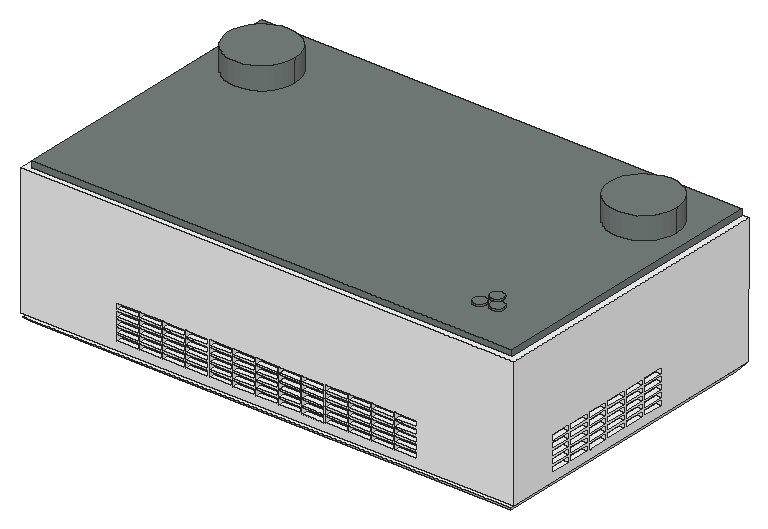
Revit family "AM 300 VVBB", category Mechanical Equipment, Revit 2019
Family settings
  Round Connector Dimension = Use Diameter
  Part Type = Normal
  OmniClass Number = 23.75.00.00
  OmniClass Title = Climate Control (HVAC)
  Work Plane-Based = No
  Always vertical = Yes
  Cut with Voids When Loaded = No
  Shared = No
  Room Calculation Point = No
Parameters
  Weight (Standard Unit) = 85  # constant formula
  Water Heating [instance] = yes
  Water Heater Surface Return = 15 mm  # constant formula
  Water Heater Surface IN = 15 mm  # constant formula
  URL = "www.airmaster-as.com"
  Total Width = 1180 mm  # constant formula
  Total Hight = 344 mm  # constant formula
  T-C Duct Supply = 187 mm  # constant formula
  T-C Duct Exhaust = 187 mm  # constant formula
  Suply Air In = 160 mm  # constant formula
  R-C Duct Supply = 133 mm  # constant formula
  Phase 1 - Max Power Consumption = "1175 W"
  Phase 1 - Max Current = "7,97 A"
  Nominal current, electrical preheating surface = "4,35 A"
  Nominal current, electrical comfort heating surface = "2,17 A"
  Nominal current, air handling unit = "1,45 A"
  Network Conection = "AWG 24 CAT 5e STP"
  Model = "AM 300 VVBB"
  Max. flow rate 35 dB(A) with ePM10 80% filters = 222.00 m³  # constant formula
  Max. flow rate 35 dB(A) with ePM10 55% filters = 250.00 m³  # constant formula
  Max. flow rate 35 dB(A) with ePM10 50% filters = 255.00 m³  # constant formula
  Max. flow rate 30 dB(A) with ePM10 80% filters = 167.00 m³  # constant formula
  Max. flow rate 30 dB(A) with ePM10 55% filters = 190.00 m³  # constant formula
  Max. flow rate 30 dB(A) with ePM10 50% filters = 194.00 m³  # constant formula
  Manufacturer = "Airmaster A/S"
  Maintenance [instance] = no
  L-C Duct Exhaust = 133 mm  # constant formula
  Exhaust Air = 160 mm  # constant formula
  Total Depth = 703 mm  # constant formula
  Electrical connection = "1 ~ 230 V / N / PE / 50 Hz"
  Drawn By = "LSB"
  Data Sheet = "https://www.airmaster-as.com/media/4938/15583-am300-en-rev-04.pdf"
  Condensate = 6 mm  # constant formula
  BMS Panel = "(PTS) 2x2x0,6"
  BMS Out = "(PTS) 2x2x0,6"
  BMS IN = "(PTS) 2x2x0,6"
  Airlow area [instance] = no
Reference planes
  plane 1 "Center (Front/Back)": y = 0
  plane 2: z = 0
  plane 3 "Center (Left/Right)": x = 0
  plane 4 "Center L/S": y = -703
  plane 5 "Center L/T": x = -590
  plane 6 "Center L/U": x = 590
  plane 7 "TOP": z = 344
  plane 8 "Center L/V": x = -575
  plane 9 "Center L/W": y = -688
  plane 10 "Center L/X": x = 575
  plane 11 "Panel Buttom": z = 20.747
  plane 12 "Panel Top": z = 330.347
  plane 13 "Hatch": z = 14.5
Forms (mm)
  Extrusion 1, solid, material "AM Grey"
    sketch origin (0, 0, 0) x (1, 0, 0) y (0, 1, 0)
      loop
        line (-575, 0) -> (-575, -688) -> (575, -688) -> (575, 0) -> (-575, 0)
    from 14.5 to 344
  Extrusion 2, solid, material "AM White"
    sketch origin (794.5, -1524, 20.747) x (0, -1, 0) y (-1, 0, 0)
      loop
        line (-1524, 1384.5) -> (-1524, 1369.5) -> (-836, 1369.5) -> (-836, 219.5) -> (-1524, 219.5) -> (-1524, 204.5) -> (-821, 204.5) -> (-821, 1384.5) -> (-1524, 1384.5)
    from 0 to -309.6
  Blend 3, solid, material "AM White"
    base sketch origin (-790.646, -1524, 14.5) x (0, -1, 0) y (1, 0, 0)
      loop
        line (-821, 207.613) -> (-821, 1373.657) -> (-1524, 1373.657) -> (-1524, 207.613) -> (-821, 207.613)
    top sketch origin (-790.646, -1524, 14.5) x (0, -1, 0) y (1, 0, 0)
      loop
        line (-836, 218.963) -> (-836, 1362.646) -> (-1509.161, 1362.646) -> (-1509.161, 218.963) -> (-836, 218.963)
    from 0 to -14.5
  Extrusion 4, solid, material "Maintenece", visible <- "Maintenance"
    sketch origin (-790.646, -1524, 0) x (1, 0, 0) y (0, -1, 0)
      loop
        line (200.646, -1524) -> (1380.646, -1524) -> (1380.646, -821) -> (200.646, -821) -> (200.646, -1524)
    from 0 to 1200
  Extrusion 5, solid, material "Maintenece", visible <- "Airlow area"
    sketch origin (590, 0, 24.45) x (0, -1, 0) y (0, 0, -1)
      loop
        line (0, -98.297) -> (703, -98.297) -> (703, 21) -> (0, 21) -> (0, -98.297)
    from 0 to 500
  Extrusion 6, solid, material "AM Grey"
    sketch origin (0, 0, 344) x (1, 0, 0) y (0, 1, 0)
      loop
        circle (428.027, -549.273) r 15.55
    from 0 to 3
  Extrusion 7, solid, material "AM Grey"
    sketch origin (0, 0, 344) x (1, 0, 0) y (0, 1, 0)
      loop
        circle (452.132, -578.023) r 15.55
    from 0 to 3
  Extrusion 8, solid, material "AM Grey"
    sketch origin (0, 0, 344) x (1, 0, 0) y (0, 1, 0)
      loop
        circle (415.201, -584.535) r 15.55
    from 0 to 3
  Extrusion 9, void
    sketch origin (590, -703, 24.45) x (1, 0, 0) y (0, 0, -1)
      loop
        line (-950, -98.297) -> (-897.385, -98.297) -> (-897.385, -84.297) -> (-950, -84.297) -> (-950, -98.297)
      loop
        line (-950, -81.297) -> (-897.385, -81.297) -> (-897.385, -67.297) -> (-950, -67.297) -> (-950, -81.297)
      loop
        line (-950, -64.297) -> (-897.385, -64.297) -> (-897.385, -50.297) -> (-950, -50.297) -> (-950, -64.297)
      loop
        line (-950, -47.297) -> (-897.385, -47.297) -> (-897.385, -33.297) -> (-950, -33.297) -> (-950, -47.297)
      loop
        line (-950, -30.297) -> (-897.385, -30.297) -> (-897.385, -16.297) -> (-950, -16.297) -> (-950, -30.297)
      loop
        line (-894.385, -98.297) -> (-841.769, -98.297) -> (-841.769, -84.297) -> (-894.385, -84.297) -> (-894.385, -98.297)
      loop
        line (-894.385, -81.297) -> (-841.769, -81.297) -> (-841.769, -67.297) -> (-894.385, -67.297) -> (-894.385, -81.297)
      loop
        line (-894.385, -64.297) -> (-841.769, -64.297) -> (-841.769, -50.297) -> (-894.385, -50.297) -> (-894.385, -64.297)
      loop
        line (-894.385, -47.297) -> (-841.769, -47.297) -> (-841.769, -33.297) -> (-894.385, -33.297) -> (-894.385, -47.297)
      loop
        line (-894.385, -30.297) -> (-841.769, -30.297) -> (-841.769, -16.297) -> (-894.385, -16.297) -> (-894.385, -30.297)
      loop
        line (-838.769, -98.297) -> (-786.154, -98.297) -> (-786.154, -84.297) -> (-838.769, -84.297) -> (-838.769, -98.297)
      loop
        line (-838.769, -81.297) -> (-786.154, -81.297) -> (-786.154, -67.297) -> (-838.769, -67.297) -> (-838.769, -81.297)
      loop
        line (-838.769, -64.297) -> (-786.154, -64.297) -> (-786.154, -50.297) -> (-838.769, -50.297) -> (-838.769, -64.297)
      loop
        line (-838.769, -47.297) -> (-786.154, -47.297) -> (-786.154, -33.297) -> (-838.769, -33.297) -> (-838.769, -47.297)
      loop
        line (-838.769, -30.297) -> (-786.154, -30.297) -> (-786.154, -16.297) -> (-838.769, -16.297) -> (-838.769, -30.297)
      loop
        line (-783.154, -98.297) -> (-730.538, -98.297) -> (-730.538, -84.297) -> (-783.154, -84.297) -> (-783.154, -98.297)
      loop
        line (-783.154, -81.297) -> (-730.538, -81.297) -> (-730.538, -67.297) -> (-783.154, -67.297) -> (-783.154, -81.297)
      loop
        line (-783.154, -64.297) -> (-730.538, -64.297) -> (-730.538, -50.297) -> (-783.154, -50.297) -> (-783.154, -64.297)
      loop
        line (-783.154, -47.297) -> (-730.538, -47.297) -> (-730.538, -33.297) -> (-783.154, -33.297) -> (-783.154, -47.297)
      loop
        line (-783.154, -30.297) -> (-730.538, -30.297) -> (-730.538, -16.297) -> (-783.154, -16.297) -> (-783.154, -30.297)
      loop
        line (-727.538, -98.297) -> (-674.923, -98.297) -> (-674.923, -84.297) -> (-727.538, -84.297) -> (-727.538, -98.297)
      loop
        line (-727.538, -81.297) -> (-674.923, -81.297) -> (-674.923, -67.297) -> (-727.538, -67.297) -> (-727.538, -81.297)
      loop
        line (-727.538, -64.297) -> (-674.923, -64.297) -> (-674.923, -50.297) -> (-727.538, -50.297) -> (-727.538, -64.297)
      loop
        line (-727.538, -47.297) -> (-674.923, -47.297) -> (-674.923, -33.297) -> (-727.538, -33.297) -> (-727.538, -47.297)
      loop
        line (-727.538, -30.297) -> (-674.923, -30.297) -> (-674.923, -16.297) -> (-727.538, -16.297) -> (-727.538, -30.297)
      loop
        line (-671.923, -98.297) -> (-619.308, -98.297) -> (-619.308, -84.297) -> (-671.923, -84.297) -> (-671.923, -98.297)
      loop
        line (-671.923, -81.297) -> (-619.308, -81.297) -> (-619.308, -67.297) -> (-671.923, -67.297) -> (-671.923, -81.297)
      loop
        line (-671.923, -64.297) -> (-619.308, -64.297) -> (-619.308, -50.297) -> (-671.923, -50.297) -> (-671.923, -64.297)
      loop
        line (-671.923, -47.297) -> (-619.308, -47.297) -> (-619.308, -33.297) -> (-671.923, -33.297) -> (-671.923, -47.297)
      loop
        line (-671.923, -30.297) -> (-619.308, -30.297) -> (-619.308, -16.297) -> (-671.923, -16.297) -> (-671.923, -30.297)
      loop
        line (-616.308, -98.297) -> (-563.692, -98.297) -> (-563.692, -84.297) -> (-616.308, -84.297) -> (-616.308, -98.297)
      loop
        line (-616.308, -81.297) -> (-563.692, -81.297) -> (-563.692, -67.297) -> (-616.308, -67.297) -> (-616.308, -81.297)
      loop
        line (-616.308, -64.297) -> (-563.692, -64.297) -> (-563.692, -50.297) -> (-616.308, -50.297) -> (-616.308, -64.297)
      loop
        line (-616.308, -47.297) -> (-563.692, -47.297) -> (-563.692, -33.297) -> (-616.308, -33.297) -> (-616.308, -47.297)
      loop
        line (-616.308, -30.297) -> (-563.692, -30.297) -> (-563.692, -16.297) -> (-616.308, -16.297) -> (-616.308, -30.297)
      loop
        line (-560.692, -98.297) -> (-508.077, -98.297) -> (-508.077, -84.297) -> (-560.692, -84.297) -> (-560.692, -98.297)
      loop
        line (-560.692, -81.297) -> (-508.077, -81.297) -> (-508.077, -67.297) -> (-560.692, -67.297) -> (-560.692, -81.297)
      loop
        line (-560.692, -64.297) -> (-508.077, -64.297) -> (-508.077, -50.297) -> (-560.692, -50.297) -> (-560.692, -64.297)
      loop
        line (-560.692, -47.297) -> (-508.077, -47.297) -> (-508.077, -33.297) -> (-560.692, -33.297) -> (-560.692, -47.297)
      loop
        line (-560.692, -30.297) -> (-508.077, -30.297) -> (-508.077, -16.297) -> (-560.692, -16.297) -> (-560.692, -30.297)
      loop
        line (-505.077, -98.297) -> (-452.462, -98.297) -> (-452.462, -84.297) -> (-505.077, -84.297) -> (-505.077, -98.297)
      loop
        line (-505.077, -81.297) -> (-452.462, -81.297) -> (-452.462, -67.297) -> (-505.077, -67.297) -> (-505.077, -81.297)
      loop
        line (-505.077, -64.297) -> (-452.462, -64.297) -> (-452.462, -50.297) -> (-505.077, -50.297) -> (-505.077, -64.297)
      loop
        line (-505.077, -47.297) -> (-452.462, -47.297) -> (-452.462, -33.297) -> (-505.077, -33.297) -> (-505.077, -47.297)
      loop
        line (-505.077, -30.297) -> (-452.462, -30.297) -> (-452.462, -16.297) -> (-505.077, -16.297) -> (-505.077, -30.297)
      loop
        line (-449.462, -98.297) -> (-396.846, -98.297) -> (-396.846, -84.297) -> (-449.462, -84.297) -> (-449.462, -98.297)
      loop
        line (-449.462, -81.297) -> (-396.846, -81.297) -> (-396.846, -67.297) -> (-449.462, -67.297) -> (-449.462, -81.297)
      loop
        line (-449.462, -64.297) -> (-396.846, -64.297) -> (-396.846, -50.297) -> (-449.462, -50.297) -> (-449.462, -64.297)
      loop
        line (-449.462, -47.297) -> (-396.846, -47.297) -> (-396.846, -33.297) -> (-449.462, -33.297) -> (-449.462, -47.297)
      loop
        line (-449.462, -30.297) -> (-396.846, -30.297) -> (-396.846, -16.297) -> (-449.462, -16.297) -> (-449.462, -30.297)
      loop
        line (-393.846, -98.297) -> (-341.231, -98.297) -> (-341.231, -84.297) -> (-393.846, -84.297) -> (-393.846, -98.297)
      loop
        line (-393.846, -81.297) -> (-341.231, -81.297) -> (-341.231, -67.297) -> (-393.846, -67.297) -> (-393.846, -81.297)
      loop
        line (-393.846, -64.297) -> (-341.231, -64.297) -> (-341.231, -50.297) -> (-393.846, -50.297) -> (-393.846, -64.297)
      loop
        line (-393.846, -47.297) -> (-341.231, -47.297) -> (-341.231, -33.297) -> (-393.846, -33.297) -> (-393.846, -47.297)
      loop
        line (-393.846, -30.297) -> (-341.231, -30.297) -> (-341.231, -16.297) -> (-393.846, -16.297) -> (-393.846, -30.297)
      loop
        line (-338.231, -98.297) -> (-285.615, -98.297) -> (-285.615, -84.297) -> (-338.231, -84.297) -> (-338.231, -98.297)
      loop
        line (-338.231, -81.297) -> (-285.615, -81.297) -> (-285.615, -67.297) -> (-338.231, -67.297) -> (-338.231, -81.297)
      loop
        line (-338.231, -64.297) -> (-285.615, -64.297) -> (-285.615, -50.297) -> (-338.231, -50.297) -> (-338.231, -64.297)
      loop
        line (-338.231, -47.297) -> (-285.615, -47.297) -> (-285.615, -33.297) -> (-338.231, -33.297) -> (-338.231, -47.297)
      loop
        line (-338.231, -30.297) -> (-285.615, -30.297) -> (-285.615, -16.297) -> (-338.231, -16.297) -> (-338.231, -30.297)
      loop
        line (-282.615, -98.297) -> (-230, -98.297) -> (-230, -84.297) -> (-282.615, -84.297) -> (-282.615, -98.297)
      loop
        line (-282.615, -81.297) -> (-230, -81.297) -> (-230, -67.297) -> (-282.615, -67.297) -> (-282.615, -81.297)
      loop
        line (-282.615, -64.297) -> (-230, -64.297) -> (-230, -50.297) -> (-282.615, -50.297) -> (-282.615, -64.297)
      loop
        line (-282.615, -47.297) -> (-230, -47.297) -> (-230, -33.297) -> (-282.615, -33.297) -> (-282.615, -47.297)
      loop
        line (-282.615, -30.297) -> (-230, -30.297) -> (-230, -16.297) -> (-282.615, -16.297) -> (-282.615, -30.297)
    from 0 to 15
  Extrusion 10, void
    sketch origin (590, 0, 25.035) x (0, 1, 0) y (0, 0, -1)
      loop
        line (-588.9, -97.712) -> (-536.417, -97.712) -> (-536.417, -83.712) -> (-588.9, -83.712) -> (-588.9, -97.712)
      loop
        line (-588.9, -80.712) -> (-536.417, -80.712) -> (-536.417, -66.712) -> (-588.9, -66.712) -> (-588.9, -80.712)
      loop
        line (-588.9, -63.712) -> (-536.417, -63.712) -> (-536.417, -49.712) -> (-588.9, -49.712) -> (-588.9, -63.712)
      loop
        line (-588.9, -46.712) -> (-536.417, -46.712) -> (-536.417, -32.712) -> (-588.9, -32.712) -> (-588.9, -46.712)
      loop
        line (-588.9, -29.712) -> (-536.417, -29.712) -> (-536.417, -15.712) -> (-588.9, -15.712) -> (-588.9, -29.712)
      loop
        line (-533.417, -97.712) -> (-480.933, -97.712) -> (-480.933, -83.712) -> (-533.417, -83.712) -> (-533.417, -97.712)
      loop
        line (-533.417, -80.712) -> (-480.933, -80.712) -> (-480.933, -66.712) -> (-533.417, -66.712) -> (-533.417, -80.712)
      loop
        line (-533.417, -63.712) -> (-480.933, -63.712) -> (-480.933, -49.712) -> (-533.417, -49.712) -> (-533.417, -63.712)
      loop
        line (-533.417, -46.712) -> (-480.933, -46.712) -> (-480.933, -32.712) -> (-533.417, -32.712) -> (-533.417, -46.712)
      loop
        line (-533.417, -29.712) -> (-480.933, -29.712) -> (-480.933, -15.712) -> (-533.417, -15.712) -> (-533.417, -29.712)
      loop
        line (-477.933, -97.712) -> (-425.45, -97.712) -> (-425.45, -83.712) -> (-477.933, -83.712) -> (-477.933, -97.712)
      loop
        line (-477.933, -80.712) -> (-425.45, -80.712) -> (-425.45, -66.712) -> (-477.933, -66.712) -> (-477.933, -80.712)
      loop
        line (-477.933, -63.712) -> (-425.45, -63.712) -> (-425.45, -49.712) -> (-477.933, -49.712) -> (-477.933, -63.712)
      loop
        line (-477.933, -46.712) -> (-425.45, -46.712) -> (-425.45, -32.712) -> (-477.933, -32.712) -> (-477.933, -46.712)
      loop
        line (-477.933, -29.712) -> (-425.45, -29.712) -> (-425.45, -15.712) -> (-477.933, -15.712) -> (-477.933, -29.712)
      loop
        line (-422.45, -97.712) -> (-369.967, -97.712) -> (-369.967, -83.712) -> (-422.45, -83.712) -> (-422.45, -97.712)
      loop
        line (-422.45, -80.712) -> (-369.967, -80.712) -> (-369.967, -66.712) -> (-422.45, -66.712) -> (-422.45, -80.712)
      loop
        line (-422.45, -63.712) -> (-369.967, -63.712) -> (-369.967, -49.712) -> (-422.45, -49.712) -> (-422.45, -63.712)
      loop
        line (-422.45, -46.712) -> (-369.967, -46.712) -> (-369.967, -32.712) -> (-422.45, -32.712) -> (-422.45, -46.712)
      loop
        line (-422.45, -29.712) -> (-369.967, -29.712) -> (-369.967, -15.712) -> (-422.45, -15.712) -> (-422.45, -29.712)
      loop
        line (-366.967, -97.712) -> (-314.483, -97.712) -> (-314.483, -83.712) -> (-366.967, -83.712) -> (-366.967, -97.712)
      loop
        line (-366.967, -80.712) -> (-314.483, -80.712) -> (-314.483, -66.712) -> (-366.967, -66.712) -> (-366.967, -80.712)
      loop
        line (-366.967, -63.712) -> (-314.483, -63.712) -> (-314.483, -49.712) -> (-366.967, -49.712) -> (-366.967, -63.712)
      loop
        line (-366.967, -46.712) -> (-314.483, -46.712) -> (-314.483, -32.712) -> (-366.967, -32.712) -> (-366.967, -46.712)
      loop
        line (-366.967, -29.712) -> (-314.483, -29.712) -> (-314.483, -15.712) -> (-366.967, -15.712) -> (-366.967, -29.712)
      loop
        line (-311.483, -97.712) -> (-259, -97.712) -> (-259, -83.712) -> (-311.483, -83.712) -> (-311.483, -97.712)
      loop
        line (-311.483, -80.712) -> (-259, -80.712) -> (-259, -66.712) -> (-311.483, -66.712) -> (-311.483, -80.712)
      loop
        line (-311.483, -63.712) -> (-259, -63.712) -> (-259, -49.712) -> (-311.483, -49.712) -> (-311.483, -63.712)
      loop
        line (-311.483, -46.712) -> (-259, -46.712) -> (-259, -32.712) -> (-311.483, -32.712) -> (-311.483, -46.712)
      loop
        line (-311.483, -29.712) -> (-259, -29.712) -> (-259, -15.712) -> (-311.483, -15.712) -> (-311.483, -29.712)
    from 0 to 15
  Extrusion 11, solid, material "AM Grey", visible <- "Water Heating"
    sketch origin (-575, -688, 0) x (0, 1, 0) y (0, 0, -1)
      loop
        circle (325.216, -242.139) r 15.55
    from 0 to 36
  Extrusion 12, solid, material "AM Grey", visible <- "Water Heating"
    sketch origin (-575, -836.92, 39.903) x (0, 1, 0) y (0, 0, -1)
      loop
        circle (325.216, -242.139) r 15.55
    from 0 to 36
  Extrusion 13, solid, material "AM Grey"
    sketch origin (0, 0, 344) x (1, 0, 0) y (0, 1, 0)
      loop
        circle (-457, -147) r 80
    from 0 to 53
  Extrusion 14, solid, material "AM Grey"
    sketch origin (0, 0, 344) x (1, 0, 0) y (0, 1, 0)
      loop
        circle (457, -147) r 80
    from 0 to 53
Cuts and joins
  Extrusion 9, Extrusion 10 cuts Extrusion 1
  Extrusion 9, Extrusion 10 cuts Extrusion 2
  Extrusion 10 cuts Extrusion 5
Dimensions and locks
  "Total Depth": plane 4 "Center L/S" to plane 1 "Center (Front/Back)"
  equal spacing: plane 5 "Center L/T", plane 3 "Center (Left/Right)", plane 6 "Center L/U"
  "Total Width": plane 5 "Center L/T" to plane 6 "Center L/U"
  "Total Hight": plane 7 "TOP" to level
  locked: plane 10 "Center L/X" to plane 6 "Center L/U" at 15
  locked: plane 4 "Center L/S" to plane 9 "Center L/W" at 15
  locked: plane 5 "Center L/T" to plane 8 "Center L/V" at 15
  Extrusion 1 to Blend 3 sketch curve = 14.839 mm
  Extrusion 13 sketch curve to plane 1 "Center (Front/Back)" = 147 mm
  plane 5 "Center L/T" to Extrusion 13 sketch curve = 133 mm
  "Suply Air In": diameter of Extrusion 13 sketch curve
  "Suply Air In": diameter of Extrusion 14 sketch curve
  aligned and locked: level to plane 2
  aligned and locked: plane 1 "Center (Front/Back)" to Extrusion 1 sketch curve
  aligned and locked: plane 8 "Center L/V" to Extrusion 1 sketch curve
  aligned and locked: Extrusion 1 sketch curve to plane 9 "Center L/W"
  aligned and locked: Extrusion 1 sketch curve to plane 10 "Center L/X"
  aligned and locked: plane 7 "TOP" to Extrusion 1
  aligned and locked: plane 5 "Center L/T" to Extrusion 2 sketch curve
  aligned and locked: plane 4 "Center L/S" to Extrusion 2 sketch curve
  aligned and locked: plane 6 "Center L/U" to Extrusion 2 sketch curve
  aligned and locked: Extrusion 2 sketch curve to Extrusion 1  (x3)
  aligned and locked: plane 1 "Center (Front/Back)" to Extrusion 2 sketch curve
  aligned and locked: Extrusion 2 to plane 12 "Panel Top"
  aligned and locked: Blend 3 to plane 2
  aligned and locked: plane 13 "Hatch" to Extrusion 1
Automatic sketch dimensions
  plane 1 "Center (Front/Back)" to Extrusion 2 sketch curve = 0 mm
  plane 1 "Center (Front/Back)" to Blend 3 sketch curve = 0 mm
  plane 4 "Center L/S" to Blend 3 sketch curve = 0 mm
  plane 5 "Center L/T" to Blend 3 sketch curve = 6.967 mm
  Blend 3 sketch curve to plane 6 "Center L/U" = 6.989 mm
  plane 9 "Center L/W" to Blend 3 sketch curve = 0 mm
  plane 8 "Center L/V" to Blend 3 sketch curve = 3.316 mm
  Blend 3 sketch curve to plane 10 "Center L/X" = 3 mm
  Extrusion 4 sketch curve to Blend 3 = 18.316 mm
  Extrusion 4 sketch curve to Blend 3 = 18 mm
  Extrusion 4 sketch curve to Blend 3 = 15 mm
  Extrusion 4 sketch curve to Blend 3 = 14.839 mm
  Extrusion 5 sketch curve to plane 1 "Center (Front/Back)" = 0 mm
  Extrusion 5 sketch curve to plane 4 "Center L/S" = 0 mm
  Extrusion 5 sketch curve to plane 11 "Panel Buttom" = 102 mm
  level to Extrusion 5 sketch curve = 3.45 mm
  Extrusion 6 sketch curve to Extrusion 1 = 146.973 mm
  Extrusion 6 sketch curve to Extrusion 1 = 138.727 mm
  Extrusion 7 sketch curve to Extrusion 1 = 122.868 mm
  Extrusion 7 sketch curve to Extrusion 1 = 109.977 mm
  Extrusion 8 sketch curve to Extrusion 1 = 159.799 mm
  Extrusion 8 sketch curve to Extrusion 1 = 103.465 mm
  Extrusion 9 sketch curve to Extrusion 2 = 102 mm  (x2)
  Extrusion 9 sketch curve to Extrusion 2 = 230 mm
  Extrusion 9 sketch curve to Extrusion 2 = 20 mm
  Extrusion 9 sketch curve to Extrusion 9 sketch curve = 0 mm  (x115)
  Extrusion 9 sketch curve to Extrusion 9 sketch curve = 52.615 mm  (x13)
  Extrusion 9 sketch curve to Extrusion 9 sketch curve = 3 mm  (x88)
  Extrusion 9 sketch curve to Extrusion 9 sketch curve = 14 mm  (x40)
  Extrusion 2 to Extrusion 10 sketch curve = 114.1 mm
  Extrusion 10 sketch curve to Extrusion 10 sketch curve = 0 mm  (x59)
  Extrusion 10 sketch curve to Extrusion 10 sketch curve = 52.483 mm  (x6)
  Extrusion 10 sketch curve to Extrusion 10 sketch curve = 3 mm  (x38)
  Extrusion 10 sketch curve to Extrusion 2 = 102 mm  (x2)
  Extrusion 10 sketch curve to Extrusion 10 sketch curve = 14 mm  (x14)
  Extrusion 1 to Extrusion 11 sketch curve = 101.861 mm
  Extrusion 11 sketch curve to Extrusion 1 = 325.216 mm
  Extrusion 1 to Extrusion 12 sketch curve = 61.958 mm
  Extrusion 12 sketch curve to Extrusion 1 = 176.296 mm
  Extrusion 14 sketch curve to Extrusion 1 = 118 mm
  Extrusion 14 sketch curve to Extrusion 1 = 147 mm
  radius of Extrusion 6 sketch curve = 15.55 mm
  radius of Extrusion 7 sketch curve = 15.55 mm
  radius of Extrusion 8 sketch curve = 15.55 mm
  radius of Extrusion 11 sketch curve = 15.55 mm
  radius of Extrusion 12 sketch curve = 15.55 mm
Nested families
  nested 1: "Model Label 2019" at (0, -361.924, 0), Label <- "Model", type "Model Label 2019"
    with Label "AM 300 VVBB"
  nested 2: "Pil Indtag" at (1100, -364, 0) x (-1, 0, 0) z (0, 0, 1), type "Pil Indtag"
    with dX_ 609 mm, dX 609 mm, ang2D 0.00°
  nested 3: "indblæssymbol" at (0, -803, 0) x (0, -1, 0) z (0, 0, 1), type "indblæssymbol"
    with dX_ 609 mm, dX 609 mm, ang2D 0.00°
Connectors
  electrical at (428.027, -549.273, 344)
    settings: on Extrusion 6, index 13, voltage 230 V, apparent load 0 VA, apparent load phase1 0 VA, apparent load phase2 0 VA, apparent load phase3 0 VA, power factor 0.55, load classification "Other", number of poles 1, system type 30, power factor state 1, is connector primary yes, connector utility no, sub classification motor no, connector description ""
  electrical at (452.132, -578.023, 344), driven by "BMS Out"
    settings: on Extrusion 7, index 14, voltage 0 V, apparent load 0 VA, apparent load phase1 0 VA, apparent load phase2 0 VA, apparent load phase3 0 VA, power factor 1, load classification "Other", number of poles 1, system type 5, power factor state 1, is connector primary no, connector utility no, sub classification motor no, connector description "(PTS) 2x2x0,6"
  electrical at (415.201, -584.535, 344), driven by "BMS IN"
    settings: on Extrusion 8, index 15, voltage 0 V, apparent load 0 VA, apparent load phase1 0 VA, apparent load phase2 0 VA, apparent load phase3 0 VA, power factor 1, load classification "Other", number of poles 1, system type 5, power factor state 1, is connector primary no, connector utility no, sub classification motor no, connector description "(PTS) 2x2x0,6"
  piping at (-611, -362.784, 242.139), diameter 15, driven by "Water Heater Surface IN"
    settings: on Extrusion 11, index 16, connector inside diameter 609.6 mm, connector length 0 mm, flow factor 0, pipe flow 0.0 L/s, pressure drop 0.0 Pa, fitting loss kfactor 0, connector angle 0.00°, fixture units 0, engagement length 0 mm, angle of deflection 0.00°, flow configuration 0, flow direction 0, fitting loss method 0, system type 19, joint type 0, gender type 0, connector reference index -1, connector utility 0, adjustable connector no, is connector primary yes, connector description ""
  piping at (-611, -511.704, 282.042), diameter 15, driven by "Water Heater Surface IN"
    settings: on Extrusion 12, index 17, connector inside diameter 609.6 mm, connector length 0 mm, flow factor 0, pipe flow 0.0 L/s, pressure drop 0.0 Pa, fitting loss kfactor 0, connector angle 0.00°, fixture units 0, engagement length 0 mm, angle of deflection 0.00°, flow configuration 0, flow direction 0, fitting loss method 0, system type 19, joint type 0, gender type 0, connector reference index -1, connector utility 0, adjustable connector no, is connector primary no, connector description ""
  hvac at (-457, -147, 344), driven by "Suply Air In"
    settings: on Extrusion 13, index 20, duct flow 0.0 L/s, flow factor 0, pres drop 0.0 Pa, loss coef 0, conn angle 0.00°, conn width 304.8 mm, conn height 304.8 mm, conn diameter 160 mm, duct sys type 1, conn prof type 0, flow config 0, flow direction 1, loss method 0, conn ref index -1, conn util no, is conn primary yes, conn desc ""
  hvac at (457, -147, 344), driven by "Exhaust Air"
    settings: on Extrusion 14, index 21, duct flow 0.0 L/s, flow factor 0, pres drop 0.0 Pa, loss coef 0, conn angle 0.00°, conn width 304.8 mm, conn height 304.8 mm, conn diameter 160 mm, duct sys type 3, conn prof type 0, flow config 0, flow direction 2, loss method 0, conn ref index -1, conn util no, is conn primary no, conn desc ""
Definition of nested family "Model Label 2019"
  Parameters (values of type "Model Label 2019")
    Label [instance] = ""
  Reference planes
    plane 1: y = 0
    plane 2: x = 0
  Text (mm)
    label "Label" at (-0.131, 0.049, 0), shows "Label"
Definition of nested family "Pil Indtag"
  Parameters (values of type "Pil Indtag")
    dX_ [instance] = if(dX = 0 mm, 1 mm, dX)  # 609 mm
    dX [instance] = 609 mm
    ang2D [instance] = 0.00°
    Type Comments = "DO NOT CHANGE dX value from 608 mm ( 2 ft )"
    Afstand pil = 50 mm
  Reference planes
    plane 1 "Center (Front/Back)": y = 0
    plane 2: z = 0
    plane 3 "Center (Left/Right)": x = 0
    plane 4: x = 500
  Lines and regions (mm)
    Filled region 1, type "Concrete", in view "Ref. Level"
      outline origin (0, 0, 0) x (1, 0, 0) y (0, 1, 0)
        loop
          line (499.552, 0) -> (401.072, 17.365) -> (401.072, -17.365) -> (499.552, 0)
    reference lines, in view "Ref. Level"
      curve 1: line (50, 134.129, 0) -> (50, -145.871, 0)
    detail lines, in view "Ref. Level", not visible
      curve 2: arc (335, 0, 0) -> (385.559, -50.321, 0) -> (434.999, 1.101, 0) r 50.01
      curve 3: arc (335, 0, 0) -> (285.666, 52.633, 0) -> (235.069, 1.212, 0) r 50.01
      curve 4: line (434.999, 1.101, 0) -> (434.999, 21.156, 0)
      curve 5: line (235.069, 1.212, 0) -> (235.069, -18.844, 0)
    detail lines, in view "Ref. Level"
      curve 6: arc (225.332, 0, 0) -> (272.332, -35.211, 0) -> (294.114, 19.326, 0) r 36.995
      curve 7: arc (225.206, 0, 0) -> (173.868, 30.307, 0) -> (156.85, -26.829, 0) r 37.835
      curve 8: line (499.552, 0, 0) -> (401.072, 17.365, 0)
      curve 9: line (401.072, 17.365, 0) -> (401.072, -17.365, 0)
      curve 10: line (401.072, -17.365, 0) -> (499.552, 0, 0)
      curve 11: line (499.552, 0, 0) -> (-15.448, 0, 0)
  Dimensions and locks
    "Afstand pil": plane 3 "Center (Left/Right)" to curve 1
    plane 3 "Center (Left/Right)" to plane 4 = 500 mm
  Automatic sketch dimensions
    plane 1 "Center (Front/Back)" to Filled region 1 sketch curve = 0 mm
    Filled region 1 sketch curve to plane 4 = 0.448 mm
    plane 1 "Center (Front/Back)" to Filled region 1 sketch curve = 17.365 mm
    Filled region 1 sketch curve to plane 4 = 98.928 mm
    Filled region 1 sketch curve to plane 1 "Center (Front/Back)" = 17.365 mm
    plane 1 "Center (Front/Back)" to curve 11 = 0 mm
    plane 1 "Center (Front/Back)" to curve 7 = 4.913 mm
    plane 3 "Center (Left/Right)" to curve 7 = 187.691 mm
    curve 6 to plane 1 "Center (Front/Back)" = 0.405 mm
    curve 7 to curve 6 = 74.634 mm
    curve 9 to plane 1 "Center (Front/Back)" = 17.365 mm
    curve 9 to plane 4 = 98.928 mm
    curve 11 to plane 4 = 0.448 mm
    plane 1 "Center (Front/Back)" to curve 10 = 17.365 mm
    curve 7 to curve 7 = 30.842 mm
    curve 11 to plane 3 "Center (Left/Right)" = 15.448 mm
    curve 7 to curve 6 = 37.119 mm
    curve 7 to curve 6 = 0.126 mm
    curve 6 to plane 1 "Center (Front/Back)" = 19.326 mm
    plane 1 "Center (Front/Back)" to curve 1 = 145.871 mm
    curve 1 to plane 1 "Center (Front/Back)" = 134.129 mm
Definition of nested family "indblæssymbol"
  Parameters (values of type "indblæssymbol")
    dX_ [instance] = if(dX = 0 mm, 1 mm, dX)  # 609 mm
    dX [instance] = 609 mm
    ang2D [instance] = 0.00°
    Type Comments = "DO NOT CHANGE dX value from 608 mm ( 2 ft )"
    Afstand pil = 50 mm
  Reference planes
    plane 1 "Center (Front/Back)": y = 0
    plane 2: z = 0
    plane 3 "Center (Left/Right)": x = 0
  Lines and regions (mm)
    Filled region 1, type "Concrete", in view "Ref. Level"
      outline origin (50.005, 0, 0) x (1, 0, 0) y (0, 1, 0)
        loop
          line (399.995, 0.414) -> (301.442, 17.365) -> (301.588, -17.365) -> (399.995, 0.414)
    reference lines, in view "Ref. Level"
      curve 1: line (50, 134.129, 0) -> (50, -145.871, 0)
    detail lines, in view "Ref. Level"
      curve 2: line (351.52, 0, 0) -> (50, 0, 0)
  Dimensions and locks
    "Afstand pil": plane 3 "Center (Left/Right)" to curve 1
    curve 1 to Filled region 1 = 400 mm
  Automatic sketch dimensions
    Filled region 1 sketch curve to plane 1 "Center (Front/Back)" = 0.414 mm
    plane 3 "Center (Left/Right)" to Filled region 1 sketch curve = 450 mm
    plane 1 "Center (Front/Back)" to Filled region 1 sketch curve = 17.365 mm
    Filled region 1 sketch curve to Filled region 1 sketch curve = 98.407 mm
    Filled region 1 sketch curve to plane 1 "Center (Front/Back)" = 17.365 mm
    Filled region 1 sketch curve to Filled region 1 sketch curve = 0.146 mm
    plane 1 "Center (Front/Back)" to curve 2 = 0 mm
    plane 3 "Center (Left/Right)" to curve 2 = 50 mm
    curve 2 to curve 2 = 301.52 mm
    plane 1 "Center (Front/Back)" to curve 1 = 145.871 mm
    curve 1 to plane 1 "Center (Front/Back)" = 134.129 mm
